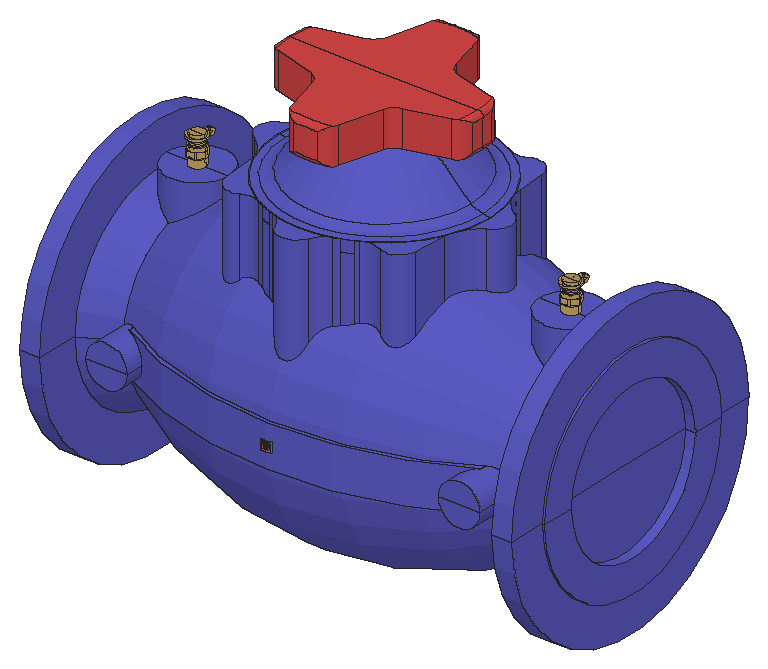
Revit family "HERZ Strömax Commissioning Valve With Test points, Straight Body 4218 GMF", category Rohrzubehör, Revit 2021
Family settings
  Bemaßung runder Anschluss = Durchmesser verwenden
  Teiletyp = Unterbricht
  OmniClass-Nummer = 23.65.55.14
  OmniClass-Titel = Valves for Liquid Services
  Arbeitsebenenbasiert = Nein
  Immer vertikal = Ja
  Beim Laden mit Abzugskörper schneiden = Nein
  Gemeinsam genutzt = Nein
Parameters
  kvs-value [instance] = if(Nennweite = 25.00 mm, 11.53, if(Nennweite = 32.00 mm, 16.6, if(Nennweite = 40.00 mm, 28.6, if(Nennweite = 50.00 mm, 37.84, if(Nennweite = 65.00 mm, 60.3, if(Nennweite = 80.00 mm, 67.8, if(Nennweite = 100.00 mm, 99.55, if(Nennweite = 125.00 mm, 186.58, if(Nennweite = 150.00 mm, 279.05, 0)))))))))  # 279.05
  W02 = 60.00°  # constant formula
  W01 [instance] = if(Nennweite = 25.00 mm, 10.00°, if(Nennweite = 32.00 mm, 10.00°, if(Nennweite = 40.00 mm, 15.00°, if(Nennweite = 50.00 mm, 10.00°, if(Nennweite = 65.00 mm, 25.00°, if(Nennweite = 80.00 mm, 25.00°, 0.80°))))))  # 0.80°
  Vorgabe-Ansicht = 0.00 mm
  Upper part (up to DN100) = "brass"  # constant formula
  Upper part (from DN125) = "grey cast iron"  # constant formula
  URL = "www.herzvalves.com"
  SCRNSEQ = "ARM;ARM_TYP=\"STRV\";2"
  SCRNCODE = "05;07;02"  # constant formula
  S01 [instance] = Nennweite + 10.00 mm  # 160.00 mm
  R02 [instance] = size_lookup("4218_GMF_", "R2", 1.00 mm, Nennweite)  # 30.00 mm
  R01 [instance] = size_lookup("4218_GMF_", "R1", 1.00 mm, Nennweite)  # 20.00 mm
  Part number [instance] = size_lookup("4218_GMF_", "Artnr", 0, Nennweite)  # 1421851
  O-Ring = "EPDM"  # constant formula
  Nennweite [instance] = 150.00 mm
  Model = "The STRÖMAX GMF commissioning valve with measuring valve, straight body DN 25 - 150:\r\nBody of grey cast iron GJL 250 according to EN 1561, flange according to EN 1092, PN 16;\r\nlength according to ÖNORM EN-558-1, basic series 1; painted blue.\r\nThermostatic upper part of brass to DN 100; from DN 125 thermstatic upper part of grey cast iron.\r\nDigital display of the pre-setting levels.\r\nNon-rising spindle with double O-ring seal."
  Medium = "Water purity in accordance with the ÖNORM H 5195 and VDI 2035 standards.\r\nEthylene and propylene glycol can be used in a ratio of 25-50 vol. [%] are mixed."
  Max. operating pressure = 1600000.0 Pa  # constant formula
  Max. operating temperature (up to DN32) = 130 °C  # constant formula
  Max. operating temperature (from DN40) = 110 °C  # constant formula
  L03 [instance] = size_lookup("4218_GMF_", "L3", 1.00 mm, Nennweite)  # 180.00 mm
  L02 [instance] = size_lookup("4218_GMF_", "L2", 1.00 mm, Nennweite)  # 170.00 mm
  L01 [instance] = size_lookup("4218_GMF_", "L1", 1.00 mm, Nennweite)  # 185.00 mm
  L00 [instance] = size_lookup("4218_GMF_", "L", 1.00 mm, Nennweite)  # 480.00 mm
  Hersteller = "HERZ Armaturen Ges.m.b.H."  # constant formula
  H08 [instance] = H02 + H04  # 238.50 mm
  H07 = 10.00 mm  # constant formula
  H06 [instance] = size_lookup("4218_GMF_", "H6", 1.00 mm, Nennweite)  # 56.00 mm
  H05 [instance] = size_lookup("4218_GMF_", "H5", 1.00 mm, Nennweite)  # 11.00 mm
  H04 [instance] = size_lookup("4218_GMF_", "H4", 1.00 mm, Nennweite)  # 78.50 mm
  H03 [instance] = size_lookup("4218_GMF_", "H3", 1.00 mm, Nennweite)  # 118.00 mm
  H02N [instance] = H02 + 11.00 mm  # 171.00 mm
  H02 [instance] = size_lookup("4218_GMF_", "H2", 1.00 mm, Nennweite)  # 160.00 mm
  H01 [instance] = size_lookup("4218_GMF_", "H1", 1.00 mm, Nennweite)  # 122.00 mm
  GT = 10.00 mm  # constant formula
  Field of application = "For hydraulic balancing in heating or cooling systems, regulating and shutting off distribution circuits, heat ex-changers, heating and cooling terminals."
  FLL02 [instance] = size_lookup("4218_GMF_", "FLL2", 1.00 mm, Nennweite)  # 19.00 mm
  FLL01 [instance] = size_lookup("4218_GMF_", "FLL1", 1.00 mm, Nennweite)  # 3.00 mm
  FLD03 [instance] = size_lookup("4218_GMF_", "FLD3", 1.00 mm, Nennweite)  # 84.20 mm
  FLD02 [instance] = size_lookup("4218_GMF_", "FLD2", 1.00 mm, Nennweite)  # 101.00 mm
  FLD01 [instance] = size_lookup("4218_GMF_", "FLD1", 1.00 mm, Nennweite)  # 106.00 mm
  FLD00 [instance] = size_lookup("4218_GMF_", "FLD", 1.00 mm, Nennweite)  # 142.50 mm
  Differential pressure measurement = "The STRÖMAX GMF double regulating and commissioning valve is equipped with two test points:\r\nIf a suitable measuring device is used, the differential pressure can be measured and the respective flow rate can be determined depending on the setting level.\r\nThe respective flow rate can also be read directly on the HERZ measuring computer (see device manual)."
  DN80 [instance] = Nennweite = 80.00 mm  # no
  DN65 [instance] = Nennweite = 65.00 mm  # no
  DN50-DN80 [instance] = or(Nennweite = 50.00 mm, Nennweite = 65.00 mm, Nennweite = 80.00 mm)  # no
  DN50 [instance] = Nennweite = 50.00 mm  # no
  DN40 [instance] = Nennweite = 40.00 mm  # no
  DN32 [instance] = Nennweite = 32.00 mm  # no
  DN25-DN40 [instance] = or(Nennweite = 25.00 mm, Nennweite = 32.00 mm, Nennweite = 40.00 mm)  # no
  DN25 [instance] = Nennweite = 25.00 mm  # no
  DN150 [instance] = Nennweite = 150.00 mm  # yes
  DN125 [instance] = Nennweite = 125.00 mm  # no
  DN100-DN125 [instance] = or(Nennweite = 100.00 mm, Nennweite = 125.00 mm, Nennweite = 150.00 mm)  # yes
  DN100 [instance] = Nennweite = 100.00 mm  # no
  D04 [instance] = size_lookup("4218_GMF_", "D4", 1.00 mm, Nennweite)  # 15.00 mm
  D03 [instance] = size_lookup("4218_GMF_", "D3", 1.00 mm, Nennweite)  # 16.00 mm
  D02 [instance] = size_lookup("4218_GMF_", "D2", 1.00 mm, Nennweite)  # 17.00 mm
  D01 [instance] = size_lookup("4218_GMF_", "D1", 1.00 mm, Nennweite)  # 102.50 mm
  D00 [instance] = size_lookup("4218_GMF_", "D", 1.00 mm, Nennweite)  # 140.00 mm
  Body = "grey cast iron GJL 250 according to EN 1561"  # constant formula
  BH02 [instance] = -BH01  # -20.00 mm
  BH01 [instance] = if(Nennweite = 25.00 mm, 12.00 mm, if(Nennweite = 32.00 mm, 12.50 mm, if(Nennweite = 40.00 mm, 12.50 mm, if(Nennweite = 50.00 mm, 12.50 mm, if(Nennweite = 65.00 mm, 15.00 mm, if(Nennweite = 80.00 mm, 16.00 mm, if(Nennweite = 100.00 mm, 17.50 mm, if(Nennweite = 125.00 mm, 17.50 mm, if(Nennweite = 150.00 mm, 20.00 mm, 1.00 mm)))))))))  # 20.00 mm
  Anschluss [instance] = Nennweite / 2  # 75.00 mm
Reference planes
  plane 1 "Mitte (Vorne/hinten)": y = 0
  plane 2: z = 0
  plane 3 "Mitte (Links/rechts)": x = 0
Forms (mm)
  Revolve 1, solid, material "Herz-Marineblau", detail levels fine
    sketch origin (1058.943, 0, 0) x (1, 0, 0) y (0, 1, 0)
      loop
        line (-1295.943, 142.5) -> (-1295.943, 106) -> (-1298.943, 106) -> (-1298.943, 75) -> (-1288.943, 75) -> (-1288.943, 0) -> (-828.943, 0) -> (-828.943, 75) -> (-818.943, 75) -> (-818.943, 106) -> (-821.943, 106) -> (-821.943, 142.5) -> (-840.943, 142.5) -> (-840.943, 101) -> (-873.943, 84.2)
        arc (-873.943, 84.2) -> (-1058.943, 140) -> (-1243.943, 84.2) r 334.576
        line (-1243.943, 84.2) -> (-1276.943, 101) -> (-1276.943, 142.5) -> (-1295.943, 142.5)
      axis (-1298.943, 0) -> (-818.943, 0)
    angle from 0 to 360
  Revolve 2, solid, material "Herz-Marineblau", detail levels fine
    sketch origin (0, 0, 0) x (1, 0, 0) y (0, 1, 0)
      loop
        line (-170, 122) -> (-190, 122) -> (-190, -122) -> (-170, -122) -> (-170, 122)
      axis (-170, 122) -> (-170, -122)
    angle from 0 to 360
  Revolve 3, solid, material "Herz-Marineblau", detail levels fine
    sketch origin (0, 0, 0) x (-1, 0, 0) y (0, 1, 0)
      loop
        line (-170, 122) -> (-190, 122) -> (-190, -122) -> (-170, -122) -> (-170, 122)
      axis (-170, 122) -> (-170, -122)
    angle from 0 to 360
  Revolve 4, solid, material "Herz-Marineblau", detail levels fine
    sketch origin (0, 0, 0) x (1, 0, 0) y (0, 0, 1)
      loop
        line (0, 0) -> (0, 160) -> (-102.5, 160) -> (-102.5, 0) -> (0, 0)
      axis (0, 160) -> (0, 0)
    angle from 0 to 360
  Revolve 5, solid, material "Herz-Marineblau", detail levels fine
    sketch origin (0, 0, 0) x (1, 0, 0) y (0, 0, 1)
      loop
        line (-178.413, 4.322) -> (-148.416, 4.741) -> (-150.003, 118.419) -> (-180, 118) -> (-178.413, 4.322)
      axis (-180, 118) -> (-178.413, 4.322)
    angle from 0 to 360
  Revolve 6, solid, material "Herz-Marineblau", detail levels fine
    sketch origin (0, 0, 0) x (-1, 0, 0) y (0, 0, 1)
      loop
        line (-178.413, 4.322) -> (-148.416, 4.741) -> (-150.003, 118.419) -> (-180, 118) -> (-178.413, 4.322)
      axis (-180, 118) -> (-178.413, 4.322)
    angle from 0 to 360
  Extrusion 7, solid, material "Herz-Marineblau", visible <- "DN25", detail levels fine
    sketch origin (0, 0, 0) x (1, 0, 0) y (0, 1, 0)
      loop
        line (-40, 18.232) -> (-40, -18.232)
        arc (-40, -18.232) -> (0, -31) -> (40, -18.232) r 69.038
        line (40, -18.232) -> (40, 18.232)
        arc (40, 18.232) -> (0, 31) -> (-40, 18.232) r 69.038
    from -20 <- "BH02" to 20 <- "BH01"
  Extrusion 8, solid, material "Herz-Marineblau", visible <- "DN32", detail levels fine
    sketch origin (0, 0, 0) x (1, 0, 0) y (0, 1, 0)
      loop
        line (-50, 21.35) -> (-50, -21.35)
        arc (-50, -21.35) -> (0, -37) -> (50, -21.35) r 87.698
        line (50, -21.35) -> (50, 21.35)
        arc (50, 21.35) -> (0, 37) -> (-50, 21.35) r 87.698
    from -20 <- "BH02" to 20 <- "BH01"
  Extrusion 9, solid, material "Herz-Marineblau", visible <- "DN40", detail levels fine
    sketch origin (0, 0, 0) x (1, 0, 0) y (0, 1, 0)
      loop
        arc (-60, -22.89) -> (0, -39) -> (60, -22.89) r 119.787
        line (60, -22.89) -> (60, 22.89)
        arc (60, 22.89) -> (0, 39) -> (-60, 22.89) r 119.787
        line (-60, 22.89) -> (-60, -22.89)
    from -20 <- "BH02" to 20 <- "BH01"
  Extrusion 10, solid, material "Herz-Marineblau", visible <- "DN50", detail levels fine
    sketch origin (0, 0, 0) x (1, 0, 0) y (0, 1, 0)
      loop
        line (70, -31.244) -> (70, 31.244)
        arc (70, 31.244) -> (0, 44) -> (-70, 31.244) r 198.442
        line (-70, 31.244) -> (-70, -31.244)
        arc (-70, -31.244) -> (0, -44) -> (70, -31.244) r 198.442
    from -20 <- "BH02" to 20 <- "BH01"
  Extrusion 11, solid, material "Herz-Marineblau", visible <- "DN65", detail levels fine
    sketch origin (0, 0, 0) x (1, 0, 0) y (0, 1, 0)
      loop
        line (-89, 42.065) -> (-89, -42.065)
        arc (-89, -42.065) -> (0, -53) -> (89, -42.065) r 367.662
        line (89, -42.065) -> (89, 42.065)
        arc (89, 42.065) -> (0, 53) -> (-89, 42.065) r 367.662
    from -20 <- "BH02" to 20 <- "BH01"
  Extrusion 12, solid, material "Herz-Marineblau", visible <- "DN80", detail levels fine
    sketch origin (0, 0, 0) x (1, 0, 0) y (0, 1, 0)
      loop
        arc (-100, -47.474) -> (0, -56.538) -> (100, -47.474) r 556.156
        line (100, -47.474) -> (100, 47.474)
        arc (100, 47.474) -> (0, 56.538) -> (-100, 47.474) r 556.156
        line (-100, 47.474) -> (-100, -47.474)
    from -20 <- "BH02" to 20 <- "BH01"
  Extrusion 13, solid, material "Herz-Marineblau", visible <- "DN100", detail levels fine
    sketch origin (0, 0, 0) x (1, 0, 0) y (0, 1, 0)
      loop
        line (-118, 61.457) -> (-118, -61.457)
        arc (-118, -61.457) -> (0, -84.506) -> (118, -61.457) r 313.571
        line (118, -61.457) -> (118, 61.457)
        arc (118, 61.457) -> (0, 84.506) -> (-118, 61.457) r 313.571
    from -20 <- "BH02" to 20 <- "BH01"
  Extrusion 14, solid, material "Herz-Marineblau", visible <- "DN125", detail levels fine
    sketch origin (0, 0, 0) x (1, 0, 0) y (0, 1, 0)
      loop
        line (-140, 76.087) -> (-140, -76.087)
        arc (-140, -76.087) -> (0, -121.009) -> (140, -76.087) r 240.621
        line (140, -76.087) -> (140, 76.087)
        arc (140, 76.087) -> (0, 121.009) -> (-140, 76.087) r 240.621
    from -20 <- "BH02" to 20 <- "BH01"
  Extrusion 15, solid, material "Herz-Marineblau", visible <- "DN150", detail levels fine
    sketch origin (0, 0, 0) x (1, 0, 0) y (0, 1, 0)
      loop
        arc (-170, -95.905) -> (0, -141.967) -> (170, -95.905) r 336.739
        line (170, -95.905) -> (170, 95.905)
        arc (170, 95.905) -> (0, 141.967) -> (-170, 95.905) r 336.739
        line (-170, 95.905) -> (-170, -95.905)
    from -20 <- "BH02" to 20 <- "BH01"
  Extrusion 16, solid, material "Herz-Marineblau", visible <- "DN125", detail levels fine
    sketch origin (0, 0, 0) x (1, 0, 0) y (0, 1, 0)
      loop
        arc (15.676, 98.149) -> (0, 109.5) -> (-15.676, 98.149) r 16.5
        arc (-15.676, 98.149) -> (-20.502, 90.282) -> (-28.346, 85.419) r 20
        arc (-28.346, 85.419) -> (-34.369, 83.168) -> (-40.215, 80.492) r 90
        arc (-40.215, 80.492) -> (-49.468, 78.32) -> (-58.678, 80.663) r 20
        arc (-58.678, 80.663) -> (-75.166, 79.318) -> (-82.2, 64.344) r 16.5
        line (-82.2, 64.344) -> (-85.23, 28.819)
        arc (-85.23, 28.819) -> (-90.21, 20.539) -> (-98.49, 15.56) r 20
        arc (-98.49, 15.56) -> (-109.5, 0) -> (-98.49, -15.56) r 16.5
        arc (-98.49, -15.56) -> (-90.21, -20.539) -> (-85.23, -28.819) r 20
        line (-85.23, -28.819) -> (-82.2, -64.344)
        arc (-82.2, -64.344) -> (-75.166, -79.318) -> (-58.678, -80.663) r 16.5
        arc (-58.678, -80.663) -> (-49.468, -78.32) -> (-40.215, -80.492) r 20
        arc (-40.215, -80.492) -> (-34.369, -83.168) -> (-28.346, -85.419) r 90
        arc (-28.346, -85.419) -> (-20.502, -90.282) -> (-15.676, -98.149) r 20
        arc (-15.676, -98.149) -> (0, -109.5) -> (15.676, -98.149) r 16.5
        arc (15.676, -98.149) -> (20.502, -90.282) -> (28.346, -85.419) r 20
        arc (28.346, -85.419) -> (34.369, -83.168) -> (40.215, -80.492) r 90
        arc (40.215, -80.492) -> (49.468, -78.32) -> (58.678, -80.663) r 20
        arc (58.678, -80.663) -> (75.166, -79.318) -> (82.2, -64.344) r 16.5
        line (82.2, -64.344) -> (85.23, -28.819)
        arc (85.23, -28.819) -> (90.21, -20.539) -> (98.49, -15.56) r 20
        arc (98.49, -15.56) -> (109.5, 0) -> (98.49, 15.56) r 16.5
        arc (98.49, 15.56) -> (90.21, 20.539) -> (85.23, 28.819) r 20
        line (85.23, 28.819) -> (82.2, 64.344)
        arc (82.2, 64.344) -> (75.166, 79.318) -> (58.678, 80.663) r 16.5
        arc (58.678, 80.663) -> (49.468, 78.32) -> (40.215, 80.492) r 20
        arc (40.215, 80.492) -> (34.369, 83.168) -> (28.346, 85.419) r 90
        arc (28.346, 85.419) -> (20.502, 90.282) -> (15.676, 98.149) r 20
    from 0 to 171 <- "H02N"
  Extrusion 17, solid, material "Herz-Marineblau", visible <- "DN150", detail levels fine
    sketch origin (0, 0, 0) x (1, 0, 0) y (0, 1, 0)
      loop
        arc (16.1, 110.958) -> (0, 122.5) -> (-16.1, 110.958) r 17
        arc (-16.1, 110.958) -> (-21.16, 102.981) -> (-29.318, 98.218) r 19.995
        arc (-29.318, 98.218) -> (-39.225, 94.698) -> (-48.72, 90.181) r 102.5
        arc (-48.72, 90.181) -> (-57.856, 87.781) -> (-67.075, 89.844) r 19.995
        arc (-67.075, 89.844) -> (-82.996, 89.381) -> (-91.547, 75.943) r 17
        line (-91.547, 75.943) -> (-94.4, 39.936)
        arc (-94.4, 39.936) -> (-101.42, 25.402) -> (-113.679, 14.903) r 39.4
        arc (-113.679, 14.903) -> (-122.5, 0) -> (-113.679, -14.903) r 17
        arc (-113.679, -14.903) -> (-101.42, -25.402) -> (-94.4, -39.936) r 39.4
        line (-94.4, -39.936) -> (-91.547, -75.943)
        arc (-91.547, -75.943) -> (-82.996, -89.381) -> (-67.075, -89.844) r 17
        arc (-67.075, -89.844) -> (-57.856, -87.781) -> (-48.72, -90.181) r 19.995
        arc (-48.72, -90.181) -> (-39.225, -94.698) -> (-29.318, -98.218) r 102.5
        arc (-29.318, -98.218) -> (-21.16, -102.981) -> (-16.1, -110.958) r 19.995
        arc (-16.1, -110.958) -> (0, -122.5) -> (16.1, -110.958) r 17
        arc (16.1, -110.958) -> (21.16, -102.981) -> (29.318, -98.218) r 19.995
        arc (29.318, -98.218) -> (39.225, -94.698) -> (48.72, -90.181) r 102.5
        arc (48.72, -90.181) -> (57.856, -87.781) -> (67.075, -89.844) r 19.995
        arc (67.075, -89.844) -> (82.996, -89.381) -> (91.547, -75.943) r 17
        line (91.547, -75.943) -> (93.96, -45.484)
        arc (93.96, -45.484) -> (99.132, -28.867) -> (110.958, -16.1) r 39.4
        arc (110.958, -16.1) -> (122.5, 0) -> (110.958, 16.1) r 17
        arc (110.958, 16.1) -> (99.132, 28.867) -> (93.96, 45.484) r 39.4
        line (93.96, 45.484) -> (91.547, 75.943)
        arc (91.547, 75.943) -> (82.996, 89.381) -> (67.075, 89.844) r 17
        arc (67.075, 89.844) -> (57.856, 87.781) -> (48.72, 90.181) r 19.995
        arc (48.72, 90.181) -> (39.225, 94.698) -> (29.318, 98.218) r 102.5
        arc (29.318, 98.218) -> (21.16, 102.981) -> (16.1, 110.958) r 19.995
    from 0 to 171 <- "H02N"
  Revolve 18, solid, material "Herz-Marineblau", detail levels fine
    sketch origin (0, 0, 0) x (1, 0, 0) y (0, 0, 1)
      loop
        line (0, 160) -> (0, 238.5) -> (-15, 238.5) -> (-15, 228.5) -> (-16, 228.5) -> (-16, 227) -> (-17, 227) -> (-17, 171) -> (-102.5, 171) -> (-102.5, 160) -> (0, 160)
      axis (0, 238.5) -> (0, 160)
    angle from 0 to 360
  Revolve 19, solid, material "Herz-Marineblau", visible <- "DN125", detail levels fine
    sketch origin (0, 0, 143) x (1, 0, 0) y (0, 0, 1)
      loop
        line (0, 0) -> (0, 62) -> (-15, 62) -> (-15, 52) -> (-21.8, 52)
        arc (-21.8, 52) -> (-23.44, 48.297) -> (-27.284, 47.023) r 5
        arc (-27.284, 47.023) -> (-30.294, 46.63) -> (-32.827, 44.959) r 6.752
        arc (-32.827, 44.959) -> (-52.854, 27.042) -> (-71.197, 7.406) r 300
        arc (-71.197, 7.406) -> (-77.249, 2.612) -> (-84.666, 0.467) r 20
        line (-84.666, 0.467) -> (-90, 0) -> (0, 0)
      axis (0, 62) -> (0, 0)
    angle from 0 to 360
  Revolve 20, solid, material "Herz-Marineblau", visible <- "DN150", detail levels fine
    sketch origin (0, 0, 171) x (1, 0, 0) y (0, 0, 1)
      loop
        line (0, 67.5) -> (-15, 67.5) -> (-15, 57.5) -> (-21.8, 57.5)
        arc (-21.8, 57.5) -> (-23.44, 53.797) -> (-27.284, 52.523) r 5
        arc (-27.284, 52.523) -> (-29.026, 52.21) -> (-30.549, 51.31) r 5
        arc (-30.549, 51.31) -> (-58.499, 29.932) -> (-83.754, 5.428) r 300
        arc (-83.754, 5.428) -> (-89.037, 2.148) -> (-95.072, 0.65) r 20
        line (-95.072, 0.65) -> (-102.5, 0) -> (0, 0) -> (0, 67.5)
      axis (0, 67.5) -> (0, 0)
    angle from 0 to 360
Lines and regions (mm)
  model lines, detail levels coarse+medium
    curve 1: line (-240, 0, 142.5) -> (-240, 0, -142.5)
    curve 2: line (-240, 0, -142.5) -> (240, 0, 142.5)
    curve 3: line (240, 0, 142.5) -> (240, 0, -142.5)
    curve 4: line (240, 0, -142.5) -> (-240, 0, 142.5)
    curve 5: line (0, 0, 0) -> (137.698, 0, 238.5)
    curve 6: line (68.416, 0, 278.5) -> (206.98, 0, 198.5)
    curve 7: line (-240, 142.5, 0) -> (-240, -142.5, 0)
    curve 8: line (-240, -142.5, 0) -> (240, 142.5, 0)
    curve 9: line (240, 142.5, 0) -> (240, -142.5, 0)
    curve 10: line (240, -142.5, 0) -> (-240, 142.5, 0)
    curve 11: line (0, 0, 0) -> (137.698, 238.5, 0)
    curve 12: line (68.416, 278.5, 0) -> (206.98, 198.5, 0)
Dimensions and locks
  "FLD00": plane 1 "Mitte (Vorne/hinten)" to Revolve 1 sketch curve
  "FLD01": plane 1 "Mitte (Vorne/hinten)" to Revolve 1 sketch curve
  "FLD02": plane 1 "Mitte (Vorne/hinten)" to Revolve 1 sketch curve  (x2)
  "FLD03": plane 1 "Mitte (Vorne/hinten)" to Revolve 1 sketch curve  (x2)
  "GT": Revolve 1 sketch curve to Revolve 1 sketch curve  (x2)
  "FLL01": Revolve 1 sketch curve to Revolve 1 sketch curve  (x2)
  "FLL02": Revolve 1 sketch curve to Revolve 1 sketch curve  (x2)
  equal spacing: Revolve 1 sketch curve, plane 3 "Mitte (Links/rechts)", Revolve 1 sketch curve
  "Anschluss": Revolve 1 sketch curve to plane 1 "Mitte (Vorne/hinten)"
  "Anschluss": plane 1 "Mitte (Vorne/hinten)" to Revolve 1 sketch curve
  "FLD01": Revolve 1 sketch curve to plane 1 "Mitte (Vorne/hinten)"
  "FLD00": Revolve 1 sketch curve to plane 1 "Mitte (Vorne/hinten)"
  "L00": Revolve 1 sketch curve to Revolve 1 sketch curve
  "D00": plane 1 "Mitte (Vorne/hinten)" to Revolve 1 sketch curve
  "L01": Revolve 1 sketch curve to plane 3 "Mitte (Links/rechts)" to Revolve 1 sketch curve
  "L02": Revolve 2 sketch curve to plane 3 "Mitte (Links/rechts)"
  "R01": Revolve 2 sketch curve to Revolve 2 sketch curve
  "H01": Revolve 2 sketch curve to plane 1 "Mitte (Vorne/hinten)" to Revolve 2 sketch curve
  "L02": plane 3 "Mitte (Links/rechts)" to Revolve 3 sketch curve
  "R01": Revolve 3 sketch curve to Revolve 3 sketch curve
  "H01": Revolve 3 sketch curve to plane 1 "Mitte (Vorne/hinten)" to Revolve 3 sketch curve
  "D01": plane 3 "Mitte (Links/rechts)" to Revolve 4 sketch curve
  "H02": Revolve 4 sketch curve to plane 2
  "H03": Revolve 5 sketch curve to plane 2  (x2)
  "R02": Revolve 5 sketch curve to Revolve 5 sketch curve
  "L03": plane 3 "Mitte (Links/rechts)" to Revolve 5 sketch curve  (x2)
  "R02": Revolve 6 sketch curve to Revolve 6 sketch curve
  "L03": Revolve 6 sketch curve to plane 3 "Mitte (Links/rechts)"  (x2)
  "H03": Revolve 6 sketch curve to plane 2  (x2)
  "D01": plane 3 "Mitte (Links/rechts)" to Revolve 18 sketch curve
  "D02": plane 3 "Mitte (Links/rechts)" to Revolve 18 sketch curve
  "D03": plane 3 "Mitte (Links/rechts)" to Revolve 18 sketch curve
  "D04": plane 3 "Mitte (Links/rechts)" to Revolve 18 sketch curve
  "H02": Revolve 18 sketch curve to plane 2
  "H04": Revolve 18 sketch curve to Revolve 18 sketch curve
  "H05": Revolve 18 sketch curve to Revolve 18 sketch curve
  "H06": Revolve 18 sketch curve to Revolve 18 sketch curve
  "H07": Revolve 18 sketch curve to Revolve 18 sketch curve
  "H08": nested 28 to plane 2
  "H08": nested 29 to plane 2
  "H08": nested 30 to plane 2
  "FLD00": curve 4 to plane 2 to curve 2
  "FLD00": curve 3 to plane 2 to curve 4
  equal spacing: curve 1, plane 3 "Mitte (Links/rechts)", curve 3
  "L00": curve 1 to curve 3
  equal spacing: curve 1, curve 5, curve 3
  "H08": curve 5 to plane 2
  equal spacing: curve 6, curve 5, curve 6
  "S01": curve 6 to curve 6
  "FLD00": curve 8 to plane 1 "Mitte (Vorne/hinten)" to curve 10
  "FLD00": curve 10 to plane 1 "Mitte (Vorne/hinten)" to curve 9
  equal spacing: curve 7, plane 3 "Mitte (Links/rechts)", curve 9
  "L00": curve 7 to curve 9
  equal spacing: curve 7, curve 11, curve 9
  "H08": plane 1 "Mitte (Vorne/hinten)" to curve 11
  equal spacing: curve 12, curve 11, curve 12
  "S01": curve 12 to curve 12
  "W01": angle plane 3 "Mitte (Links/rechts)" to Revolve 5 sketch curve  (x2)
  "W01": angle Revolve 6 sketch curve to plane 3 "Mitte (Links/rechts)"  (x2)
  "W02": angle plane 2 to curve 5
  "W02": angle plane 1 "Mitte (Vorne/hinten)" to curve 11
  aligned and locked: level to plane 2
Automatic sketch dimensions
  Extrusion 7 sketch curve to plane 3 "Mitte (Links/rechts)" = 0.00 mm  (x2)
  Extrusion 7 sketch curve to plane 1 "Mitte (Vorne/hinten)" = 18.232 mm  (x2)
  Extrusion 7 sketch curve to plane 3 "Mitte (Links/rechts)" = 40.00 mm
  plane 1 "Mitte (Vorne/hinten)" to Extrusion 7 sketch curve = 18.232 mm
  plane 1 "Mitte (Vorne/hinten)" to Extrusion 7 sketch curve = 38.038 mm
  Extrusion 7 sketch curve to plane 1 "Mitte (Vorne/hinten)" = 38.038 mm
  Extrusion 8 sketch curve to plane 3 "Mitte (Links/rechts)" = 0.00 mm  (x2)
  plane 1 "Mitte (Vorne/hinten)" to Extrusion 8 sketch curve = 21.35 mm  (x2)
  Extrusion 8 sketch curve to plane 3 "Mitte (Links/rechts)" = 50.00 mm
  plane 1 "Mitte (Vorne/hinten)" to Extrusion 8 sketch curve = 50.698 mm
  Extrusion 8 sketch curve to plane 1 "Mitte (Vorne/hinten)" = 21.35 mm
  Extrusion 8 sketch curve to plane 1 "Mitte (Vorne/hinten)" = 50.698 mm
  Extrusion 9 sketch curve to plane 3 "Mitte (Links/rechts)" = 0.00 mm  (x2)
  Extrusion 9 sketch curve to plane 1 "Mitte (Vorne/hinten)" = 22.89 mm  (x2)
  Extrusion 9 sketch curve to plane 3 "Mitte (Links/rechts)" = 60.00 mm
  plane 1 "Mitte (Vorne/hinten)" to Extrusion 9 sketch curve = 22.89 mm
  plane 1 "Mitte (Vorne/hinten)" to Extrusion 9 sketch curve = 80.787 mm
  Extrusion 9 sketch curve to plane 1 "Mitte (Vorne/hinten)" = 80.787 mm
  Extrusion 10 sketch curve to plane 3 "Mitte (Links/rechts)" = 0.00 mm  (x2)
  plane 1 "Mitte (Vorne/hinten)" to Extrusion 10 sketch curve = 31.244 mm  (x2)
  Extrusion 10 sketch curve to plane 3 "Mitte (Links/rechts)" = 70.00 mm
  Extrusion 10 sketch curve to Extrusion 10 sketch curve = 123.198 mm  (x2)
  Extrusion 10 sketch curve to plane 1 "Mitte (Vorne/hinten)" = 31.244 mm
  Extrusion 11 sketch curve to plane 3 "Mitte (Links/rechts)" = 0.00 mm  (x2)
  plane 1 "Mitte (Vorne/hinten)" to Extrusion 11 sketch curve = 42.065 mm  (x2)
  Extrusion 11 sketch curve to plane 3 "Mitte (Links/rechts)" = 89.00 mm
  Extrusion 11 sketch curve to Extrusion 11 sketch curve = 272.597 mm  (x2)
  Extrusion 11 sketch curve to plane 1 "Mitte (Vorne/hinten)" = 42.065 mm
  Extrusion 12 sketch curve to plane 3 "Mitte (Links/rechts)" = 0.00 mm  (x2)
  Extrusion 12 sketch curve to plane 1 "Mitte (Vorne/hinten)" = 47.474 mm
  Extrusion 12 sketch curve to plane 3 "Mitte (Links/rechts)" = 100.00 mm
  plane 1 "Mitte (Vorne/hinten)" to Extrusion 12 sketch curve = 47.474 mm
  plane 3 "Mitte (Links/rechts)" to Extrusion 12 sketch curve = 100.00 mm
  Extrusion 12 sketch curve to Extrusion 12 sketch curve = 452.143 mm  (x2)
  Extrusion 13 sketch curve to plane 3 "Mitte (Links/rechts)" = 0.00 mm  (x2)
  plane 1 "Mitte (Vorne/hinten)" to Extrusion 13 sketch curve = 61.457 mm  (x2)
  Extrusion 13 sketch curve to plane 3 "Mitte (Links/rechts)" = 118.00 mm
  Extrusion 13 sketch curve to Extrusion 13 sketch curve = 167.608 mm  (x2)
  Extrusion 13 sketch curve to plane 1 "Mitte (Vorne/hinten)" = 61.457 mm
  Extrusion 14 sketch curve to plane 3 "Mitte (Links/rechts)" = 0.00 mm  (x2)
  plane 1 "Mitte (Vorne/hinten)" to Extrusion 14 sketch curve = 76.087 mm  (x2)
  Extrusion 14 sketch curve to plane 3 "Mitte (Links/rechts)" = 140.00 mm
  plane 1 "Mitte (Vorne/hinten)" to Extrusion 14 sketch curve = 119.612 mm
  Extrusion 14 sketch curve to plane 1 "Mitte (Vorne/hinten)" = 76.087 mm
  Extrusion 14 sketch curve to plane 1 "Mitte (Vorne/hinten)" = 119.612 mm
  Extrusion 15 sketch curve to plane 3 "Mitte (Links/rechts)" = 0.00 mm  (x2)
  Extrusion 15 sketch curve to plane 1 "Mitte (Vorne/hinten)" = 95.905 mm  (x2)
  Extrusion 15 sketch curve to plane 3 "Mitte (Links/rechts)" = 170.00 mm
  plane 1 "Mitte (Vorne/hinten)" to Extrusion 15 sketch curve = 95.905 mm
  plane 1 "Mitte (Vorne/hinten)" to Extrusion 15 sketch curve = 194.771 mm
  Extrusion 15 sketch curve to plane 1 "Mitte (Vorne/hinten)" = 194.771 mm
  plane 1 "Mitte (Vorne/hinten)" to Extrusion 16 sketch curve = 0.00 mm  (x2)
  Extrusion 16 sketch curve to plane 3 "Mitte (Links/rechts)" = 0.00 mm  (x2)
  plane 1 "Mitte (Vorne/hinten)" to Extrusion 16 sketch curve = 0.047 mm  (x2)
  Extrusion 16 sketch curve to plane 3 "Mitte (Links/rechts)" = 0.141 mm
  Extrusion 16 sketch curve to plane 1 "Mitte (Vorne/hinten)" = 0.047 mm  (x2)
  Extrusion 16 sketch curve to Extrusion 16 sketch curve = 0.00 mm  (x10)
  Extrusion 16 sketch curve to plane 3 "Mitte (Links/rechts)" = 34.677 mm  (x2)
  Extrusion 16 sketch curve to Extrusion 16 sketch curve = 14.605 mm  (x4)
  Extrusion 16 sketch curve to Extrusion 16 sketch curve = 16.479 mm  (x4)
  Extrusion 16 sketch curve to Extrusion 16 sketch curve = 16.439 mm  (x4)
  Extrusion 16 sketch curve to Extrusion 16 sketch curve = 3.03 mm  (x4)
  plane 1 "Mitte (Vorne/hinten)" to Extrusion 16 sketch curve = 28.819 mm  (x2)
  Extrusion 16 sketch curve to Extrusion 16 sketch curve = 7.77 mm  (x2)
  Extrusion 16 sketch curve to Extrusion 16 sketch curve = 19.122 mm  (x4)
  plane 3 "Mitte (Links/rechts)" to Extrusion 16 sketch curve = 0.141 mm
  plane 3 "Mitte (Links/rechts)" to Extrusion 16 sketch curve = 34.677 mm  (x2)
  Extrusion 16 sketch curve to Extrusion 16 sketch curve = 5.862 mm  (x4)
  Extrusion 16 sketch curve to Extrusion 16 sketch curve = 35.525 mm  (x4)
  Extrusion 16 sketch curve to Extrusion 16 sketch curve = 1.417 mm  (x4)
  Extrusion 16 sketch curve to Extrusion 16 sketch curve = 27.239 mm  (x2)
  Extrusion 16 sketch curve to Extrusion 16 sketch curve = 32.558 mm  (x4)
  Extrusion 16 sketch curve to Extrusion 16 sketch curve = 6.072 mm  (x4)
  Extrusion 16 sketch curve to plane 1 "Mitte (Vorne/hinten)" = 28.819 mm  (x2)
  Extrusion 16 sketch curve to plane 3 "Mitte (Links/rechts)" = 15.676 mm  (x2)
  Extrusion 16 sketch curve to Extrusion 16 sketch curve = 11.869 mm  (x4)
  Extrusion 16 sketch curve to plane 1 "Mitte (Vorne/hinten)" = 15.56 mm
  plane 1 "Mitte (Vorne/hinten)" to Extrusion 16 sketch curve = 15.56 mm
  Extrusion 17 sketch curve to Extrusion 17 sketch curve = 0.00 mm  (x25)
  plane 1 "Mitte (Vorne/hinten)" to Extrusion 17 sketch curve = 0.00 mm  (x3)
  Extrusion 17 sketch curve to plane 3 "Mitte (Links/rechts)" = 0.00 mm  (x3)
  Extrusion 17 sketch curve to plane 3 "Mitte (Links/rechts)" = 35.037 mm  (x2)
  Extrusion 17 sketch curve to Extrusion 17 sketch curve = 23.187 mm  (x4)
  Extrusion 17 sketch curve to Extrusion 17 sketch curve = 16.376 mm  (x4)
  Extrusion 17 sketch curve to Extrusion 17 sketch curve = 16.947 mm  (x4)
  Extrusion 17 sketch curve to plane 1 "Mitte (Vorne/hinten)" = 39.936 mm
  Extrusion 17 sketch curve to Extrusion 17 sketch curve = 2.853 mm  (x2)
  plane 1 "Mitte (Vorne/hinten)" to Extrusion 17 sketch curve = 39.936 mm
  Extrusion 17 sketch curve to Extrusion 17 sketch curve = 11.10 mm
  Extrusion 17 sketch curve to Extrusion 17 sketch curve = 38.236 mm  (x2)
  plane 3 "Mitte (Links/rechts)" to Extrusion 17 sketch curve = 35.037 mm  (x2)
  plane 1 "Mitte (Vorne/hinten)" to Extrusion 17 sketch curve = 45.484 mm
  Extrusion 17 sketch curve to Extrusion 17 sketch curve = 2.414 mm  (x2)
  Extrusion 17 sketch curve to plane 1 "Mitte (Vorne/hinten)" = 45.484 mm
  Extrusion 17 sketch curve to Extrusion 17 sketch curve = 11.54 mm
  Extrusion 17 sketch curve to Extrusion 17 sketch curve = 39.277 mm  (x2)
  Extrusion 17 sketch curve to Extrusion 17 sketch curve = 3.113 mm  (x2)
  Extrusion 17 sketch curve to Extrusion 17 sketch curve = 9.507 mm  (x2)
  Extrusion 17 sketch curve to Extrusion 17 sketch curve = 29.116 mm  (x2)
  Extrusion 17 sketch curve to Extrusion 17 sketch curve = 34.664 mm  (x2)
  Extrusion 17 sketch curve to Extrusion 17 sketch curve = 1.343 mm  (x4)
  Extrusion 17 sketch curve to Extrusion 17 sketch curve = 30.90 mm  (x2)
  Extrusion 17 sketch curve to Extrusion 17 sketch curve = 33.174 mm  (x4)
  Extrusion 17 sketch curve to Extrusion 17 sketch curve = 9.604 mm  (x4)
  Extrusion 17 sketch curve to plane 3 "Mitte (Links/rechts)" = 16.10 mm  (x2)
  plane 1 "Mitte (Vorne/hinten)" to Extrusion 17 sketch curve = 16.10 mm
  Revolve 19 sketch curve to plane 3 "Mitte (Links/rechts)" = 0.00 mm  (x2)
  Revolve 19 sketch curve to Revolve 19 sketch curve = 15.00 mm
  Revolve 19 sketch curve to Revolve 19 sketch curve = 6.80 mm
  Revolve 19 sketch curve to Revolve 19 sketch curve = 5.00 mm
  Revolve 19 sketch curve to Revolve 19 sketch curve = 1.137 mm
  Revolve 19 sketch curve to Revolve 19 sketch curve = 56.729 mm
  Revolve 19 sketch curve to Revolve 19 sketch curve = 1.743 mm
  Revolve 19 sketch curve to Revolve 19 sketch curve = 5.334 mm
  Revolve 19 sketch curve to level = 44.36 mm
  plane 3 "Mitte (Links/rechts)" to Revolve 19 sketch curve = 156.983 mm
  level to Revolve 19 sketch curve = 143.00 mm
  Revolve 19 sketch curve to Revolve 19 sketch curve = 0.467 mm
  Revolve 19 sketch curve to Revolve 19 sketch curve = 19.924 mm
  Revolve 19 sketch curve to Revolve 19 sketch curve = 40.303 mm
  Revolve 19 sketch curve to Revolve 19 sketch curve = 11.697 mm
  Revolve 19 sketch curve to Revolve 19 sketch curve = 10.00 mm
  Revolve 19 sketch curve to Revolve 19 sketch curve = 0.00 mm
  Revolve 19 sketch curve to Revolve 19 sketch curve = 5.544 mm
  Revolve 19 sketch curve to level = 223.045 mm
  Revolve 19 sketch curve to Revolve 19 sketch curve = 2152.315 mm
  level to Revolve 20 sketch curve = 171.00 mm
  Revolve 20 sketch curve to plane 3 "Mitte (Links/rechts)" = 0.00 mm  (x2)
  Revolve 20 sketch curve to plane 3 "Mitte (Links/rechts)" = 15.00 mm
  Revolve 20 sketch curve to Revolve 20 sketch curve = 6.80 mm
  Revolve 20 sketch curve to Revolve 20 sketch curve = 5.00 mm
  Revolve 20 sketch curve to Revolve 20 sketch curve = 0.484 mm
  level to Revolve 20 sketch curve = 171.65 mm
  Revolve 20 sketch curve to Revolve 20 sketch curve = 67.788 mm
  Revolve 20 sketch curve to Revolve 20 sketch curve = 1.743 mm
  Revolve 20 sketch curve to Revolve 20 sketch curve = 7.428 mm
  plane 3 "Mitte (Links/rechts)" to Revolve 20 sketch curve = 137.422 mm
  Revolve 20 sketch curve to level = 26.257 mm
  Revolve 20 sketch curve to Revolve 20 sketch curve = 19.924 mm
  level to Revolve 20 sketch curve = 218.523 mm
  Revolve 20 sketch curve to Revolve 20 sketch curve = 9.977 mm
  Revolve 20 sketch curve to Revolve 20 sketch curve = 10.00 mm
  Revolve 20 sketch curve to Revolve 20 sketch curve = 3.265 mm
  Revolve 20 sketch curve to Revolve 20 sketch curve = 168.787 mm
  Revolve 20 sketch curve to Revolve 20 sketch curve = 2146.815 mm
  plane 1 "Mitte (Vorne/hinten)" to Revolve 1 sketch curve = 0.00 mm  (x2)
  Revolve 1 sketch curve to Revolve 1 sketch curve = 35.00 mm
  Revolve 1 sketch curve to Revolve 1 sketch curve = 40.00 mm
  Revolve 2 sketch curve to Revolve 2 sketch curve = 0.00 mm  (x3)
  Revolve 3 sketch curve to Revolve 3 sketch curve = 0.00 mm  (x3)
  Revolve 4 sketch curve to level = 0.00 mm
  Revolve 4 sketch curve to plane 3 "Mitte (Links/rechts)" = 0.00 mm  (x2)
  Revolve 4 sketch curve to Revolve 4 sketch curve = 366.045 mm
  Revolve 4 sketch curve to Revolve 4 sketch curve = 2169.315 mm
  level to Revolve 5 sketch curve = 4.322 mm
  Revolve 6 sketch curve to level = 4.322 mm
  Revolve 18 sketch curve to plane 3 "Mitte (Links/rechts)" = 0.00 mm  (x2)
  Revolve 18 sketch curve to level = 366.045 mm
  Revolve 18 sketch curve to Revolve 18 sketch curve = 2130.015 mm
Nested families
  nested 1: "Herz-Logo-vorne" at (0, -31, 0) x (0, 1, 0) z (0, 0, 1), visible <- "DN25", type "Herz-Logo-vorne", detail levels fine
  nested 2: "Herz-Logo-vorne" at (0, -36.982, 0) x (0, 1, 0) z (0, 0, 1), visible <- "DN32", type "Herz-Logo-vorne", detail levels fine
  nested 3: "Herz-Logo-vorne" at (0, -39, 0) x (0, 1, 0) z (0, 0, 1), visible <- "DN40", type "Herz-Logo-vorne", detail levels fine
  nested 4: "Herz-Logo-vorne" at (0, -44, 0) x (0, 1, 0) z (0, 0, 1), visible <- "DN50", type "Herz-Logo-vorne", detail levels fine
  nested 5: "Herz-Logo-vorne" at (0, -52.982, 0) x (0, 1, 0) z (0, 0, 1), visible <- "DN65", type "Herz-Logo-vorne", detail levels fine
  nested 6: "Herz-Logo-vorne" at (0, -56.521, 0) x (0, 1, 0) z (0, 0, 1), visible <- "DN80", type "Herz-Logo-vorne", detail levels fine
  nested 7: "Herz-Logo-vorne" at (0, -84.489, 0) x (0, 1, 0) z (0, 0, 1), visible <- "DN100", type "Herz-Logo-vorne", detail levels fine
  nested 8: "Herz-Logo-vorne" at (0, -120.991, 0) x (0, 1, 0) z (0, 0, 1), visible <- "DN125", type "Herz-Logo-vorne", detail levels fine
  nested 9: "Herz-Logo-vorne" at (0, -141.95, 0) x (0, 1, 0) z (0, 0, 1), visible <- "DN150", type "Herz-Logo-vorne", detail levels fine
  nested 10: "Messstutzen_Band_Austritt_senkrecht_(oben 10)" at (40.437, 0, 23.137), visible <- "DN25", type "Messstutzen_Band_Austritt_senkrecht_(oben 10)"
    with Schutzkappe yes, Nennweite 0.00 mm, Gewicht 0.00 kg, Bestellnummer 0
  nested 11: "Messstutzen_Band_Austritt_senkrecht_(oben 10)" at (46.437, 0, 23.137), visible <- "DN32", type "Messstutzen_Band_Austritt_senkrecht_(oben 10)"
    with Schutzkappe yes, Nennweite 0.00 mm, Gewicht 0.00 kg, Bestellnummer 0
  nested 12: "Messstutzen_Band_Austritt_senkrecht_(oben 15)" at (49.671, 0, 29.307), visible <- "DN40", type "Messstutzen_Band_Austritt_senkrecht_(oben 15)"
    with Schutzkappe yes, Nennweite 0.00 mm, Gewicht 0.00 kg, Bestellnummer 0
  nested 13: "Messstutzen_Band_Austritt_senkrecht_(oben 10)" at (63.437, 0, 39.137), visible <- "DN50", type "Messstutzen_Band_Austritt_senkrecht_(oben 10)"
    with Schutzkappe yes, Nennweite 0.00 mm, Gewicht 0.00 kg, Bestellnummer 0
  nested 14: "Messstutzen_Band_Austritt_senkrecht_(oben 25)" at (73.196, 0, 51.843), visible <- "DN65", type "Messstutzen_Band_Austritt_senkrecht_(oben 25)"
    with Schutzkappe yes, Nennweite 0.00 mm, Gewicht 0.00 kg, Bestellnummer 0
  nested 15: "Messstutzen_Band_Austritt_senkrecht_(oben 25)" at (81.196, 0, 56.843), visible <- "DN80", type "Messstutzen_Band_Austritt_senkrecht_(oben 25)"
    with Schutzkappe yes, Nennweite 0.00 mm, Gewicht 0.00 kg, Bestellnummer 0
  nested 16: "Messstutzen_Band_Austritt_senkrecht_(oben 0.8)" at (124.874, 0, 67.001), visible <- "DN100", type "Messstutzen_Band_Austritt_senkrecht_(oben 0.8)"
    with Schutzkappe yes, Nennweite 0.00 mm, Gewicht 0.00 kg, Bestellnummer 0
  nested 17: "Messstutzen_Band_Austritt_senkrecht_(oben 0.8)" at (153.874, 0, 91.001), visible <- "DN125", type "Messstutzen_Band_Austritt_senkrecht_(oben 0.8)"
    with Schutzkappe yes, Nennweite 0.00 mm, Gewicht 0.00 kg, Bestellnummer 0
  nested 18: "Messstutzen_Band_Austritt_senkrecht_(oben 0.8)" at (179.874, 0, 109.001), visible <- "DN150", type "Messstutzen_Band_Austritt_senkrecht_(oben 0.8)"
    with Schutzkappe yes, Nennweite 0.00 mm, Gewicht 0.00 kg, Bestellnummer 0
  nested 19: "Messstutzen_Band_Eintritt_senkrecht_(oben 10)" at (-40.437, 0, 23.137), visible <- "DN25", type "Messstutzen_Band_Eintritt_senkrecht_(oben 10)"
    with Schutzkappe yes, Nennweite 0.00 mm, Gewicht 0.00 kg, Bestellnummer 0
  nested 20: "Messstutzen_Band_Eintritt_senkrecht_(oben 10)" at (-46.437, 0, 23.137), visible <- "DN32", type "Messstutzen_Band_Eintritt_senkrecht_(oben 10)"
    with Schutzkappe yes, Nennweite 0.00 mm, Gewicht 0.00 kg, Bestellnummer 0
  nested 21: "Messstutzen_Band_Eintritt_senkrecht_(oben 15)" at (-49.671, 0, 29.307), visible <- "DN40", type "Messstutzen_Band_Eintritt_senkrecht_(oben 15)"
    with Schutzkappe yes, Nennweite 0.00 mm, Gewicht 0.00 kg, Bestellnummer 0
  nested 22: "Messstutzen_Band_Eintritt_senkrecht_(oben 10)" at (-63.437, 0, 39.137), visible <- "DN50", type "Messstutzen_Band_Eintritt_senkrecht_(oben 10)"
    with Schutzkappe yes, Nennweite 0.00 mm, Gewicht 0.00 kg, Bestellnummer 0
  nested 23: "Messstutzen_Band_Eintritt_senkrecht_(oben 25)" at (-73.196, 0, 51.843), visible <- "DN65", type "Messstutzen_Band_Eintritt_senkrecht_(oben 25)"
    with Schutzkappe yes, Nennweite 0.00 mm, Gewicht 0.00 kg, Bestellnummer 0
  nested 24: "Messstutzen_Band_Eintritt_senkrecht_(oben 25)" at (-81.196, 0, 56.843), visible <- "DN80", type "Messstutzen_Band_Eintritt_senkrecht_(oben 25)"
    with Schutzkappe yes, Nennweite 0.00 mm, Gewicht 0.00 kg, Bestellnummer 0
  nested 25: "Messstutzen_Band_Eintritt_senkrecht_(oben 0.8)" at (-124.874, 0, 67.001), visible <- "DN100", type "Messstutzen_Band_Eintritt_senkrecht_(oben 0.8)"
    with Schutzkappe yes, Nennweite 0.00 mm, Gewicht 0.00 kg, Bestellnummer 0
  nested 26: "Messstutzen_Band_Eintritt_senkrecht_(oben 0.8)" at (-153.874, 0, 91.001), visible <- "DN125", type "Messstutzen_Band_Eintritt_senkrecht_(oben 0.8)"
    with Schutzkappe yes, Nennweite 0.00 mm, Gewicht 0.00 kg, Bestellnummer 0
  nested 27: "Messstutzen_Band_Eintritt_senkrecht_(oben 0.8)" at (-179.874, 0, 109.001), visible <- "DN150", type "Messstutzen_Band_Eintritt_senkrecht_(oben 0.8)"
    with Schutzkappe yes, Nennweite 0.00 mm, Gewicht 0.00 kg, Bestellnummer 0
  nested 28: "Strangregulierventil-Handrad-Gerade (Rot) DN15-DN40" at (0, 0, 238.5), visible <- "DN25-DN40", type "Strangregulierventil-Handrad-Gerade (Rot) DN15-DN40"
    with Nennweite 0.00 mm, Gewicht 0.00 kg, Bestellnummer 0
  nested 29: "Strangregulierventil-Handrad-Gerade (Rot) DN50-DN80" at (0, 0, 238.5), visible <- "DN50-DN80", type "Strangregulierventil-Handrad-Gerade (Rot) DN50-DN80"
    with Nennweite 0.00 mm, Gewicht 0.00 kg, Bestellnummer 0
  nested 30: "Strangregulierventil-Handrad-Gerade (Rot) DN100-DN150" at (0, 0, 238.5), visible <- "DN100-DN125", type "Strangregulierventil-Handrad-Gerade (Rot) DN100-DN150"
    with Nennweite 0.00 mm, Gewicht 0.00 kg, Bestellnummer 0
Connectors
  piping at (-240, 0, 0), diameter 150, driven by "Nennweite"
    settings: on Revolve 1, index 1, connector inside diameter 609.6 mm, connector length 0.00 mm, flow factor 0, pipe flow 0.0 L/s, pressure drop 0.0 Pa, fitting loss kfactor 0, connector angle 0.00°, fixture units 0, engagement length 0.00 mm, angle of deflection 0.00°, flow configuration 0, flow direction 1, fitting loss method 0, system type 29, joint type 0, gender type 0, connector reference index -1, connector utility 0, adjustable connector no, is connector primary yes, connector description ""
  piping at (240, 0, 0), diameter 150, driven by "Nennweite"
    settings: on Revolve 1, index 2, connector inside diameter 609.6 mm, connector length 0.00 mm, flow factor 0, pipe flow 0.0 L/s, pressure drop 0.0 Pa, fitting loss kfactor 0, connector angle 0.00°, fixture units 0, engagement length 0.00 mm, angle of deflection 0.00°, flow configuration 0, flow direction 2, fitting loss method 0, system type 29, joint type 0, gender type 0, connector reference index -1, connector utility 0, adjustable connector no, is connector primary no, connector description ""
Definition of nested family "Herz-Logo-vorne"
  Parameters (values of type "Herz-Logo-vorne")
    Default Elevation = 0.00 mm
  Reference planes
    plane 1 "Mitte (Vorne/hinten)": y = 0
    plane 2: z = 0
    plane 3 "Mitte (Links/rechts)": x = 0
  Forms (mm)
    Extrusion 1, solid
      sketch origin (0.732, -0.018, 0.017) x (0, -1, 0) y (0, 0, 1)
        loop
          line (-0.018, -4.517) -> (4.482, -4.517) -> (4.482, 4.483) -> (-4.518, 4.483) -> (-4.518, -4.517) -> (-0.018, -4.517)
        loop
          line (-0.05, -3.48) -> (3.482, -3.48) -> (3.482, 3.483) -> (-3.518, 3.483) -> (-3.518, -3.48) -> (-0.05, -3.48)
        loop
          arc (-0.018, 2.383) -> (-1.543, 3.287) -> (-3.067, 2.383) r 1.738
          arc (-3.067, 2.383) -> (-3.191, 1.899) -> (-3.067, 1.415) r 1.009
          line (-3.067, 1.415) -> (-0.018, -3.281) -> (3.032, 1.415)
          arc (3.032, 1.415) -> (3.156, 1.899) -> (3.032, 2.383) r 1.009
          arc (3.032, 2.383) -> (1.507, 3.287) -> (-0.018, 2.383) r 1.738
        loop
          arc (1.885, 1.272) -> (2.005, 1.675) -> (1.885, 2.079) r 0.74
          arc (1.885, 2.079) -> (1.265, 2.416) -> (0.644, 2.079) r 0.74
          line (0.644, 2.079) -> (-0.018, 0.97) -> (-0.679, 2.079)
          arc (-0.679, 2.079) -> (-1.3, 2.416) -> (-1.921, 2.079) r 0.74
          arc (-1.921, 2.079) -> (-2.04, 1.675) -> (-1.921, 1.272) r 0.74
          line (-1.921, 1.272) -> (-0.018, -1.658) -> (1.885, 1.272)
      from 0 to 1.5
  Dimensions and locks
    aligned and locked: level to plane 2
Definition of nested family "Messstutzen_Band_Austritt_senkrecht_(oben 10)"
  Parameters (values of type "Messstutzen_Band_Austritt_senkrecht_(oben 10)")
    Default Elevation = 0.00 mm
    URL = "www.herz-armaturen.at"
    Schutzkappe [instance] = yes
    Nennweite [instance] = 0.00 mm
    Manufacturer = "Herz Armaturen GmbH"  # constant formula
    Gewicht [instance] = 0.00 kg
    Bestellnummer [instance] = 0
  Reference planes
    plane 1 "Mitte (Vorne/hinten)": y = 0
    plane 2: z = 0
    plane 3 "Mitte (Links/rechts)": x = 0
  Forms (mm)
    Revolve 1, solid, detail levels fine
      sketch origin (0, 0, 0) x (0.984808, 0, -0.173648) y (0.173648, 0, 0.984808)
        loop
          line (-7.4, 9) -> (-5.55, 9) -> (-5.55, 6)
          arc (-5.55, 6) -> (-5.626, 5.617) -> (-5.843, 5.293) r 1
          line (-5.843, 5.293) -> (-6.455, 4.681) -> (-6.455, 0.9) -> (-5.555, 0) -> (-2, 0) -> (-2, 17.5) -> (-8.4, 17.5)
          arc (-8.4, 17.5) -> (-7.693, 17.207) -> (-7.4, 16.5) r 1
          line (-7.4, 16.5) -> (-7.4, 9)
        loop
          line (-3.7, 27) -> (-7.3, 27) -> (-7.9, 26.4) -> (-7.9, 23) -> (-2, 23) -> (-2, 35.8) -> (-3.805, 35.8) -> (-4.415, 35.19) -> (-4.415, 30.863) -> (-3.7, 30.45) -> (-3.7, 27)
        axis (0, 0) -> (0, 35.8)
      angle from 0 to 360
    Extrusion 2, solid, detail levels fine
      sketch origin (3.039, 0, 17.234) x (0, 1, 0) y (-0.984808, 0, 0.173648)
        loop
          arc (-7.07, 5.156) -> (-7.578, 4.375) -> (-8, 3.544) r 8.75
          line (-8, 3.544) -> (-8, -3.544)
          arc (-8, -3.544) -> (-7.578, -4.375) -> (-7.07, -5.156) r 8.75
          line (-7.07, -5.156) -> (-0.93, -8.7)
          arc (-0.93, -8.7) -> (0, -8.75) -> (0.93, -8.7) r 8.75
          line (0.93, -8.7) -> (7.07, -5.156)
          arc (7.07, -5.156) -> (7.578, -4.375) -> (8, -3.544) r 8.75
          line (8, -3.544) -> (8, 3.544)
          arc (8, 3.544) -> (7.578, 4.375) -> (7.07, 5.156) r 8.75
          line (7.07, 5.156) -> (0.93, 8.7)
          arc (0.93, 8.7) -> (0, 8.75) -> (-0.93, 8.7) r 8.75
          line (-0.93, 8.7) -> (-7.07, 5.156)
      from 0 to 5.5
    Revolve 3, solid, visible <- "Schutzkappe", detail levels fine
      sketch origin (0, 0, 0) x (0.984808, 0, -0.173648) y (0.173648, 0, 0.984808)
        loop
          line (0, 35.878) -> (0, 36.678) -> (-7, 36.678) -> (-7, 33.378) -> (-6.1, 33.378) -> (-6.1, 31.678) -> (-6.9, 31.678) -> (-6.9, 30.178) -> (-4.415, 30.178) -> (-4.415, 35.268) -> (-3.805, 35.878) -> (0, 35.878)
        axis (0, 30.178) -> (0, 36.678)
      angle from 0 to 360
    Extrusion 4, solid, detail levels fine
      sketch origin (4.949, 0, 28.067) x (0, 1, 0) y (0.984808, 0, -0.173648)
        loop
          circle (0, 0) r 3.7
        loop
          arc (5.505, -3.906) -> (7.288, -2.358) -> (9.582, -1.8) r 5
          line (9.582, -1.8) -> (9.582, 1.8)
          arc (9.582, 1.8) -> (7.288, 2.358) -> (5.505, 3.906) r 5
          arc (5.505, 3.906) -> (-6.75, 0) -> (5.505, -3.906) r 6.75
      from 0 to -1.5
    Extrusion 5, solid, detail levels fine
      sketch origin (5.761, 0, 32.674) x (0, 1, 0) y (0.984808, 0, -0.173648)
        loop
          circle (0, 0) r 6.1
        loop
          arc (8.652, -4.495) -> (10.493, -2.527) -> (13.089, -1.8) r 5
          line (13.089, -1.8) -> (13.089, 1.8)
          arc (13.089, 1.8) -> (10.493, 2.527) -> (8.652, 4.495) r 5
          arc (8.652, 4.495) -> (-9.75, 0) -> (8.652, -4.495) r 9.75
      from 0 to -1.5
    Sweep 6, solid, detail levels fine
      path origin (0.666, 0.406, 1.072) x (-0.173648, 0, -0.984808) y (0, 1, 0)
        loop
          line (-27.75, 9.582) -> (-27.75, 14.522)
          arc (-27.75, 14.522) -> (-30.089, 16.862) -> (-32.428, 14.522) r 2.339
          line (-32.428, 14.522) -> (-32.428, 13.089)
      profile origin (5.485, 12.458, 28.4) x (0.173648, 0, 0.984808) y (0.984808, 0, -0.173648)
        loop
          line (-0.75, -1.8) -> (0.75, -1.8) -> (0.75, 1.8) -> (-0.75, 1.8) -> (-0.75, -1.8)
  Dimensions and locks
    aligned and locked: level to plane 2
Definition of nested family "Messstutzen_Band_Austritt_senkrecht_(oben 15)"
  Parameters (values of type "Messstutzen_Band_Austritt_senkrecht_(oben 15)")
    Default Elevation = 0.00 mm
    URL = "www.herz-armaturen.at"
    Schutzkappe [instance] = yes
    Nennweite [instance] = 0.00 mm
    Manufacturer = "Herz Armaturen GmbH"  # constant formula
    Gewicht [instance] = 0.00 kg
    Bestellnummer [instance] = 0
  Reference planes
    plane 1 "Mitte (Vorne/hinten)": y = 0
    plane 2: z = 0
    plane 3 "Mitte (Links/rechts)": x = 0
  Forms (mm)
    Revolve 1, solid, detail levels fine
      sketch origin (0, 0, 0) x (0.965926, 0, -0.258819) y (0.258819, 0, 0.965926)
        loop
          line (-7.4, 9) -> (-5.55, 9) -> (-5.55, 6)
          arc (-5.55, 6) -> (-5.626, 5.617) -> (-5.843, 5.293) r 1
          line (-5.843, 5.293) -> (-6.455, 4.681) -> (-6.455, 0.9) -> (-5.555, 0) -> (-2, 0) -> (-2, 17.5) -> (-8.4, 17.5)
          arc (-8.4, 17.5) -> (-7.693, 17.207) -> (-7.4, 16.5) r 1
          line (-7.4, 16.5) -> (-7.4, 9)
        loop
          line (-3.7, 27) -> (-7.3, 27) -> (-7.9, 26.4) -> (-7.9, 23) -> (-2, 23) -> (-2, 35.8) -> (-3.805, 35.8) -> (-4.415, 35.19) -> (-4.415, 30.863) -> (-3.7, 30.45) -> (-3.7, 27)
        axis (0, 0) -> (0, 35.8)
      angle from 0 to 360
    Extrusion 2, solid, detail levels fine
      sketch origin (4.529, 0, 16.904) x (0, 1, 0) y (-0.965926, 0, 0.258819)
        loop
          arc (-7.07, 5.156) -> (-7.578, 4.375) -> (-8, 3.544) r 8.75
          line (-8, 3.544) -> (-8, -3.544)
          arc (-8, -3.544) -> (-7.578, -4.375) -> (-7.07, -5.156) r 8.75
          line (-7.07, -5.156) -> (-0.93, -8.7)
          arc (-0.93, -8.7) -> (0, -8.75) -> (0.93, -8.7) r 8.75
          line (0.93, -8.7) -> (7.07, -5.156)
          arc (7.07, -5.156) -> (7.578, -4.375) -> (8, -3.544) r 8.75
          line (8, -3.544) -> (8, 3.544)
          arc (8, 3.544) -> (7.578, 4.375) -> (7.07, 5.156) r 8.75
          line (7.07, 5.156) -> (0.93, 8.7)
          arc (0.93, 8.7) -> (0, 8.75) -> (-0.93, 8.7) r 8.75
          line (-0.93, 8.7) -> (-7.07, 5.156)
      from 0 to 5.5
    Revolve 3, solid, visible <- "Schutzkappe", detail levels fine
      sketch origin (0, 0, 0) x (0.965926, 0, -0.258819) y (0.258819, 0, 0.965926)
        loop
          line (0, 35.878) -> (0, 36.678) -> (-7, 36.678) -> (-7, 33.378) -> (-6.1, 33.378) -> (-6.1, 31.678) -> (-6.9, 31.678) -> (-6.9, 30.178) -> (-4.415, 30.178) -> (-4.415, 35.268) -> (-3.805, 35.878) -> (0, 35.878)
        axis (0, 30.178) -> (0, 36.678)
      angle from 0 to 360
    Extrusion 4, solid, detail levels fine
      sketch origin (7.376, 0, 27.529) x (0, 1, 0) y (0.965926, 0, -0.258819)
        loop
          circle (0, 0) r 3.7
        loop
          arc (5.505, -3.906) -> (7.288, -2.358) -> (9.582, -1.8) r 5
          line (9.582, -1.8) -> (9.582, 1.8)
          arc (9.582, 1.8) -> (7.288, 2.358) -> (5.505, 3.906) r 5
          arc (5.505, 3.906) -> (-6.75, 0) -> (5.505, -3.906) r 6.75
      from 0 to -1.5
    Extrusion 5, solid, detail levels fine
      sketch origin (8.587, 0, 32.048) x (0, 1, 0) y (0.965926, 0, -0.258819)
        loop
          circle (0, 0) r 6.1
        loop
          arc (8.652, -4.495) -> (10.493, -2.527) -> (13.089, -1.8) r 5
          line (13.089, -1.8) -> (13.089, 1.8)
          arc (13.089, 1.8) -> (10.493, 2.527) -> (8.652, 4.495) r 5
          arc (8.652, 4.495) -> (-9.75, 0) -> (8.652, -4.495) r 9.75
      from 0 to -1.5
    Sweep 6, solid, detail levels fine
      path origin (0.742, 0.354, 1.095) x (-0.258819, 0, -0.965926) y (0, 1, 0)
        loop
          line (-27.75, 9.582) -> (-27.75, 14.522)
          arc (-27.75, 14.522) -> (-30.089, 16.862) -> (-32.428, 14.522) r 2.339
          line (-32.428, 14.522) -> (-32.428, 13.089)
      profile origin (7.924, 12.406, 27.9) x (0.258819, 0, 0.965926) y (0.965926, 0, -0.258819)
        loop
          line (-0.75, -1.8) -> (0.75, -1.8) -> (0.75, 1.8) -> (-0.75, 1.8) -> (-0.75, -1.8)
  Dimensions and locks
    aligned and locked: level to plane 2
Definition of nested family "Messstutzen_Band_Austritt_senkrecht_(oben 25)"
  Parameters (values of type "Messstutzen_Band_Austritt_senkrecht_(oben 25)")
    Default Elevation = 0.00 mm
    URL = "www.herz-armaturen.at"
    Schutzkappe [instance] = yes
    Nennweite [instance] = 0.00 mm
    Manufacturer = "Herz Armaturen GmbH"  # constant formula
    Gewicht [instance] = 0.00 kg
    Bestellnummer [instance] = 0
  Reference planes
    plane 1 "Mitte (Vorne/hinten)": y = 0
    plane 2: z = 0
    plane 3 "Mitte (Links/rechts)": x = 0
  Forms (mm)
    Revolve 1, solid, detail levels fine
      sketch origin (0, 0, 0) x (0.906308, 0, -0.422618) y (0.422618, 0, 0.906308)
        loop
          line (-7.4, 9) -> (-5.55, 9) -> (-5.55, 6)
          arc (-5.55, 6) -> (-5.626, 5.617) -> (-5.843, 5.293) r 1
          line (-5.843, 5.293) -> (-6.455, 4.681) -> (-6.455, 0.9) -> (-5.555, 0) -> (-2, 0) -> (-2, 17.5) -> (-8.4, 17.5)
          arc (-8.4, 17.5) -> (-7.693, 17.207) -> (-7.4, 16.5) r 1
          line (-7.4, 16.5) -> (-7.4, 9)
        loop
          line (-3.7, 27) -> (-7.3, 27) -> (-7.9, 26.4) -> (-7.9, 23) -> (-2, 23) -> (-2, 35.8) -> (-3.805, 35.8) -> (-4.415, 35.19) -> (-4.415, 30.863) -> (-3.7, 30.45) -> (-3.7, 27)
        axis (0, 0) -> (0, 35.8)
      angle from 0 to 360
    Extrusion 2, solid, detail levels fine
      sketch origin (7.396, 0, 15.86) x (0, 1, 0) y (-0.906308, 0, 0.422618)
        loop
          arc (-7.07, 5.156) -> (-7.578, 4.375) -> (-8, 3.544) r 8.75
          line (-8, 3.544) -> (-8, -3.544)
          arc (-8, -3.544) -> (-7.578, -4.375) -> (-7.07, -5.156) r 8.75
          line (-7.07, -5.156) -> (-0.93, -8.7)
          arc (-0.93, -8.7) -> (0, -8.75) -> (0.93, -8.7) r 8.75
          line (0.93, -8.7) -> (7.07, -5.156)
          arc (7.07, -5.156) -> (7.578, -4.375) -> (8, -3.544) r 8.75
          line (8, -3.544) -> (8, 3.544)
          arc (8, 3.544) -> (7.578, 4.375) -> (7.07, 5.156) r 8.75
          line (7.07, 5.156) -> (0.93, 8.7)
          arc (0.93, 8.7) -> (0, 8.75) -> (-0.93, 8.7) r 8.75
          line (-0.93, 8.7) -> (-7.07, 5.156)
      from 0 to 5.5
    Revolve 3, solid, visible <- "Schutzkappe", detail levels fine
      sketch origin (0, 0, 0) x (0.906308, 0, -0.422618) y (0.422618, 0, 0.906308)
        loop
          line (0, 35.878) -> (0, 36.678) -> (-7, 36.678) -> (-7, 33.378) -> (-6.1, 33.378) -> (-6.1, 31.678) -> (-6.9, 31.678) -> (-6.9, 30.178) -> (-4.415, 30.178) -> (-4.415, 35.268) -> (-3.805, 35.878) -> (0, 35.878)
        axis (0, 30.178) -> (0, 36.678)
      angle from 0 to 360
    Extrusion 4, solid, detail levels fine
      sketch origin (12.045, 0, 25.83) x (0, 1, 0) y (0.906308, 0, -0.422618)
        loop
          circle (0, 0) r 3.7
        loop
          arc (5.505, -3.906) -> (7.288, -2.358) -> (9.582, -1.8) r 5
          line (9.582, -1.8) -> (9.582, 1.8)
